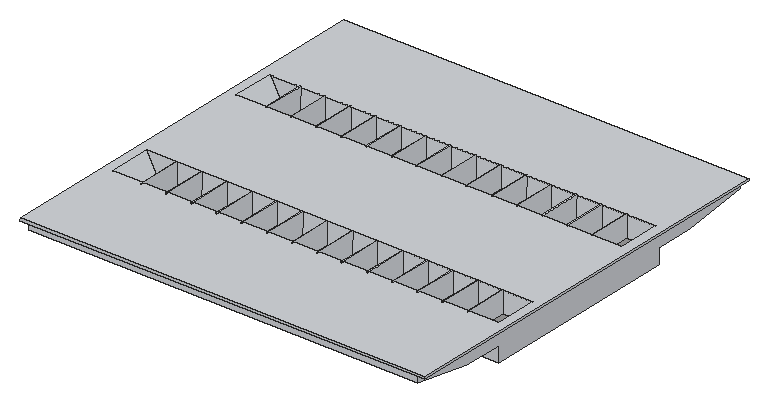
Revit family "0052578 Sylvania Lighting Fixture RANA NEO 3300LM REC 600x600 830 DALI 2L WHITE", category Lighting Fixtures, host Face, Revit 2016
Family settings
  Host = Face
  Part Type = Normal
  Round Connector Dimension = Use Diameter
  OmniClass Number = 23.80.70.00
  OmniClass Title = Lighting
  Cut with Voids When Loaded = No
  Light Source = Yes
  Shared = No
  Room Calculation Point = No
Parameters (values of type "0052578 RANA NEO 3300LM R 600 830 DALI 2L WHT")
  fin7 = 37 mm
  fin3 = 332 mm
  fin2 [instance] = 368 mm
  fin 6 = 110 mm
  fin 5 = 185 mm
  fin 4 = 258 mm
  fin 3 [instance] = 318 mm
  fin 2 = 407 mm
  fin 1 = 480 mm
  Width_SYL = if([600x600_SYL], 595 mm, if([625x625_SYL], 620 mm, if([1200_SYL], 296 mm, 306 mm)))  # 595 mm
  Weight = "n/a"
  Wattage Comments = ""
  Wattage = 28 W
  WarrantyStartDate [instance] = "n/a"
  WarrantyGuarantorParts = "n/a"
  WarrantyDurationUnit = "n/a"
  WarrantyDurationParts = ""
  WarrantyDescription = "http://www.sylvania-lighting.com"
  built-in parameter 1150110 = 1 (stored number, unit not read)
  Voltage = 0 V
  URL = "0.96"
  TypeName = "RANA NEO 3300LM REC 600x600 830 DALI 2L WHITE"
  Type Image = <None>
  Type Comments = "n/a"
  built-in parameter 1114217 = 1 (stored number, unit not read)
  TopWidth_SYL = if([600x600_SYL], 295 mm, if([625x625_SYL], 295 mm, if([1200_SYL], 165 mm, 165 mm)))  # 295 mm
  Tilt Angle = -90.00°
  built-in parameter 1150109 = 1 (stored number, unit not read)
  built-in parameter 1150134 = (empty or 0)
  built-in parameter 1150113 = 1 (stored number, unit not read)
  SlopeTopWidth_SYL = if([600x600_SYL], 410 mm, if([625x625_SYL], 410 mm, if([1200_SYL], 168 mm, 168 mm)))  # 410 mm
  SlopeBottomWidth_SYL = if([600x600_SYL], 593 mm, if([625x625_SYL], 593 mm, if([1200_SYL], 244 mm, 244 mm)))  # 593 mm
  SlopeHeight_SYL = if([600x600_SYL], 17 mm, if([625x625_SYL], 17 mm, if([1200_SYL], 40 mm, 40 mm)))  # 17 mm
  SerialNumber [instance] = "n/a"
  ReflectorNumber_SYL = if([1Ref_SYL], 2, if([2Ref_SYL], 2, 3))  # 2
  ReflectorLength_SYL = Length_SYL - Inset_SYL * 2 - 5 mm  # 550 mm
  ReflectorInset_SYL = if([1Ref_SYL], 82.4 mm, if([2Ref_SYL], 30 mm, 30 mm))  # 30 mm
  Photometric Web File = "0052578.ies"
  Material_3_SYL = none
  PowerFactor = 0.95
  PowerConsumption = "Lighting"
  NominalLength = 595 mm
  NominalHeight = 60 mm
  NominalDepth = 595 mm
  Name = "RANA NEO 3300LM REC 600x600 830 DALI 2L WHITE"
  ModelReference = Name  # "RANA NEO 3300LM REC 600x600 830 DALI 2L WHITE"
  ModelNumber = "0052578"
  Model = Name  # "RANA NEO 3300LM REC 600x600 830 DALI 2L WHITE"
  Material = "Feilo Sylvania"
  ManufacturerName = "108 lm/W"
  Manufacturer = ""
  LuminousEfficacy = ""
  built-in parameter 1150105 = 222.82 (stored number, unit not read)
  Lumens = 2800 lm
  LuminaireType = "0"
  built-in parameter 1150115 = 1 (stored number, unit not read)
  LouverNumber_SYL = if([600x600_SYL], 14, if([625x625_SYL], 14, if([1200_SYL], 28, 28)))  # 14
  LightOutputRatio = "LED"
  built-in parameter 1150137 = (empty or 0)
  built-in parameter 1150139 = (empty or 0)
  Length_SYL = if([600x600_SYL], 595 mm, if([625x625_SYL], 620 mm, if([1200_SYL], 1196 mm, 1246 mm)))  # 595 mm
  LampsType = Lamp  # "n/a"
  LampNominalLuminous = "3000 K"
  LampMacAdamStep = "80"
  LampColourTemperature = "LED"
  LampColourRenderingIndex = "16500"
  built-in parameter 1150112 = 1 (stored number, unit not read)
  built-in parameter 1150114 = 1 (stored number, unit not read)
  Lamp = "n/a"
  LED position [instance] = 410 mm
  LED inside width = 165 mm
  LED inner void = 521.5 mm
  LED Width = 290 mm
  LED Length = 568 mm
  Keynote = "n/a"
  InstallationDate [instance] = "n/a"
  Inset_SYL = 20 mm  # constant formula
  InputVoltage = "0"
  InputNominalFrequency = "3000"
  built-in parameter 1150132 = (empty or 0)
  built-in parameter 1150102 = (empty or 0)
  built-in parameter 1150107 = 3000 (stored number, unit not read)
  built-in parameter 1150138 = (empty or 0)
  IngressProtection = "IfcLightFixtureType"
  ImpactProtectionIndex = "IfcLightFixtureType"
  built-in parameter 1150106 = 2.2282 (stored number, unit not read)
  IfcExportType = "IfcLightFixtureType"
  IfcExportAs = "Class I"
  Height = 52 mm
  Emit from Rectangle Width = if([1Ref_SYL], 48 mm, TopWidth_SYL - 13 mm)  # 282 mm
  Emit from Rectangle Length = ReflectorLength_SYL - 8 mm  # 542 mm
  Emit Shape Visible in Rendering = no
  ElectricShockClassification = "108"
  built-in parameter 1150104 = 9.2903 (stored number, unit not read)
  DocumentationLiterature = "http://www.sylvania-lighting.com/product/en-int/products/0052578"
  DimmingControlOptions = "n/a"
  Material_2_SYL = none
  Dimming Lamp Color Temperature Shift = <None>
  Description = "-"
  Default Elevation = 1219.2 mm
  CreatedOn = "25/11/2019"
  CreatedBy = "@sylvania-lighting.com"
  Cost = 0
  Color Filter = 16777215
  built-in parameter 1114216 [instance] = (empty or 0)
  ClassificationValue = "EF_70_80"
  ClassificationName = "Uniclass2015"
  Material_1_SYL = none
  BarCode [instance] = "n/a"
  built-in parameter 1114218 = 1 (stored number, unit not read)
  built-in parameter 1150133 = 10 (stored number, unit not read)
  AssetType = "Fixed"
  AssetIdentifier [instance] = "n/a"
  Assembly Code = "D5020200"
  Apparent Load = 31 VA
  Material_4_SYL = none
  625x625_SYL = no
  600x600_SYL = yes
  2Ref_SYL = yes
  1Ref_SYL = no
  1200_SYL = no
Reference planes
  plane 1 "Center (Front/Back)": y = 0
  plane 2: z = 0
  plane 3 "Center (Left/Right)": x = 0
  plane 4: x = 297.5
  plane 5: x = -297.5
  plane 6: y = 297.5
  plane 7: y = -297.5
  plane 8: z = -120
  plane 9: z = -3
  plane 10: z = -12
  plane 11: z = -29
  plane 12: z = -52
  plane 13: y = -296.5
  plane 14: y = 296.5
  plane 15: y = 145
  plane 16: y = -145
  plane 17: y = 82.5
  plane 18: y = -82.5
  plane 19: x = -284
  plane 20: x = 284
  plane 21: y = 141
  plane 22: y = 86.5
  plane 23: x = -264
  plane 24: x = 257.5
  plane 25: x = -286
  plane 26: x = 286
  plane 27: y = -86.5
  plane 28: y = -141
  plane 29: x = 18.5
  plane 30: x = -18.5
  plane 31: x = 55
  plane 32: x = -55
  plane 33: x = 92.5
  plane 34: x = -92.5
  plane 35: x = 129
  plane 36: x = -129
  plane 37: x = 166
  plane 38: x = -166
  plane 39: x = -203.5
  plane 40: x = 203.5
  plane 41: x = -240
  plane 42: x = 240
  plane 43: x = 169.5
  plane 44: x = 162.5
  plane 45: x = 166.5
  plane 46: x = 165.5
Forms (mm)
  Extrusion 1, void
    sketch origin (0, 0, 0) x (1, 0, 0) y (0, 1, 0)
      loop
        line (-297.5, 297.5) -> (-297.5, -297.5) -> (297.5, -297.5) -> (297.5, 297.5) -> (-297.5, 297.5)
    from -120 to 0
  Extrusion 2, solid, detail levels medium+fine
    sketch origin (0, 0, 0) x (0, 1, 0) y (0, 0, 1)
      loop
        line (-296.5, 0) -> (-296.5, -12) -> (-205, -29) -> (-147.5, -29) -> (-147.5, -52) -> (147.5, -52) -> (147.5, -29) -> (205, -29) -> (296.5, -17.514) -> (296.5, 0) -> (-296.5, 0)
    from -286 to 286
  Extrusion 3, solid, detail levels medium+fine
    sketch origin (275, 1524, 1219.2) x (0, 1, 0) y (0, 0, 1)
      loop
        line (-1226.5, -1222.2) -> (-1226.5, -1219.2) -> (-1820.5, -1219.2) -> (-1820.5, -1222.2) -> (-1226.5, -1222.2)
    from 11 to 22.5
  Extrusion 4, solid, detail levels medium+fine
    sketch origin (-275, 1524, 1219.2) x (0, 1, 0) y (0, 0, 1)
      loop
        line (-1820.5, -1222.2) -> (-1227.5, -1222.2) -> (-1227.5, -1219.2) -> (-1820.5, -1219.2) -> (-1820.5, -1222.2)
    from -11 to -22.5
  Extrusion 5, solid, detail levels medium+fine
    sketch origin (0, 0, 0) x (0, 1, 0) y (0, 0, 1)
      loop
        line (-297.5, 0) -> (-297.5, -3) -> (-296.5, -3) -> (-296.5, 0) -> (-297.5, 0)
      loop
        line (297.5, -3) -> (297.5, 0) -> (296.5, 0) -> (296.5, -3) -> (297.5, -3)
    from -297.5 to 297.5
  Blend 6, void
    base sketch origin (0, 0, 0) x (1, 0, 0) y (0, 1, 0)
      loop
        line (-284, 145) -> (-284, 82.5) -> (284, 82.5) -> (284, 145) -> (-284, 145)
    top sketch origin (0, 0, 0) x (1, 0, 0) y (0, 1, 0)
      loop
        line (-264, 141) -> (-264, 86.5) -> (257.5, 86.5) -> (257.5, 141) -> (-264, 141)
    from 0 to -29
  Blend 7, void
    base sketch origin (0, 0, 0) x (1, 0, 0) y (0, 1, 0)
      loop
        line (-284, -82.5) -> (-284, -145) -> (284, -145) -> (284, -82.5) -> (-284, -82.5)
    top sketch origin (0, 0, 0) x (1, 0, 0) y (0, 1, 0)
      loop
        line (257.5, -86.5) -> (-264, -86.5) -> (-264, -141) -> (257.5, -141) -> (257.5, -86.5)
    from 0 to -29
  Extrusion 8, solid, detail levels fine
    sketch origin (0, 0, 0) x (1, 0, 0) y (0, 0, 1)
      loop
        line (162.5, -29) -> (169.5, -29) -> (166.5, 0) -> (165.5, 0) -> (162.5, -29)
    from -145 to -82.5
  Extrusion 9, solid, detail levels fine
    sketch origin (37.5, 0, 0) x (1, 0, 0) y (0, 0, 1)
      loop
        line (162.5, -29) -> (169.5, -29) -> (166.5, 0) -> (165.5, 0) -> (162.5, -29)
    from -145 to -82.5
  Extrusion 10, solid, detail levels fine
    sketch origin (74, 0, 0) x (1, 0, 0) y (0, 0, 1)
      loop
        line (162.5, -29) -> (169.5, -29) -> (166.5, 0) -> (165.5, 0) -> (162.5, -29)
    from -145 to -82.5
  Extrusion 11, solid, detail levels fine
    sketch origin (-37, 0, 0) x (1, 0, 0) y (0, 0, 1)
      loop
        line (162.5, -29) -> (169.5, -29) -> (166.5, 0) -> (165.5, 0) -> (162.5, -29)
    from -145 to -82.5
  Extrusion 12, solid, detail levels fine
    sketch origin (-73.5, 0, 0) x (1, 0, 0) y (0, 0, 1)
      loop
        line (162.5, -29) -> (169.5, -29) -> (166.5, 0) -> (165.5, 0) -> (162.5, -29)
    from -145 to -82.5
  Extrusion 13, solid, detail levels fine
    sketch origin (-111, 0, 0) x (1, 0, 0) y (0, 0, 1)
      loop
        line (162.5, -29) -> (169.5, -29) -> (166.5, 0) -> (165.5, 0) -> (162.5, -29)
    from -145 to -82.5
  Extrusion 14, solid, detail levels fine
    sketch origin (-147.5, 0, 0) x (1, 0, 0) y (0, 0, 1)
      loop
        line (162.5, -29) -> (169.5, -29) -> (166.5, 0) -> (165.5, 0) -> (162.5, -29)
    from -145 to -82.5
  Extrusion 15, solid, detail levels fine
    sketch origin (-184.5, 0, 0) x (1, 0, 0) y (0, 0, 1)
      loop
        line (162.5, -29) -> (169.5, -29) -> (166.5, 0) -> (165.5, 0) -> (162.5, -29)
    from -145 to -82.5
  Extrusion 16, solid, detail levels fine
    sketch origin (-221, 0, 0) x (1, 0, 0) y (0, 0, 1)
      loop
        line (162.5, -29) -> (169.5, -29) -> (166.5, 0) -> (165.5, 0) -> (162.5, -29)
    from -145 to -82.5
  Extrusion 17, solid, detail levels fine
    sketch origin (-258.5, 0, 0) x (1, 0, 0) y (0, 0, 1)
      loop
        line (162.5, -29) -> (169.5, -29) -> (166.5, 0) -> (165.5, 0) -> (162.5, -29)
    from -145 to -82.5
  Extrusion 18, solid, detail levels fine
    sketch origin (-295, 0, 0) x (1, 0, 0) y (0, 0, 1)
      loop
        line (162.5, -29) -> (169.5, -29) -> (166.5, 0) -> (165.5, 0) -> (162.5, -29)
    from -145 to -82.5
  Extrusion 19, solid, detail levels fine
    sketch origin (-332, 0, 0) x (1, 0, 0) y (0, 0, 1)
      loop
        line (162.5, -29) -> (169.5, -29) -> (166.5, 0) -> (165.5, 0) -> (162.5, -29)
    from -145 to -82.5
  Extrusion 20, solid, detail levels fine
    sketch origin (-369.5, 0, 0) x (1, 0, 0) y (0, 0, 1)
      loop
        line (162.5, -29) -> (169.5, -29) -> (166.5, 0) -> (165.5, 0) -> (162.5, -29)
    from -145 to -82.5
  Extrusion 21, solid, detail levels fine
    sketch origin (-406, 0, 0) x (1, 0, 0) y (0, 0, 1)
      loop
        line (162.5, -29) -> (169.5, -29) -> (166.5, 0) -> (165.5, 0) -> (162.5, -29)
    from -145 to -82.5
  Extrusion 22, solid, detail levels fine
    sketch origin (-406.072, 0, -0.017) x (1, 0, 0) y (0, 0, 1)
      loop
        line (162.5, -29) -> (169.5, -29) -> (166.5, 0) -> (165.5, 0) -> (162.5, -29)
    from 82.5 to 147.5
  Extrusion 23, solid, detail levels fine
    sketch origin (-369.572, 0, -0.017) x (1, 0, 0) y (0, 0, 1)
      loop
        line (162.5, -29) -> (169.5, -29) -> (166.5, 0) -> (165.5, 0) -> (162.5, -29)
    from 82.5 to 147.5
  Extrusion 24, solid, detail levels fine
    sketch origin (-331.998, 0, -0.017) x (1, 0, 0) y (0, 0, 1)
      loop
        line (162.5, -29) -> (169.5, -29) -> (166.5, 0) -> (165.5, 0) -> (162.5, -29)
    from 82.5 to 147.5
  Extrusion 25, solid, detail levels fine
    sketch origin (-294.998, 0, -0.017) x (1, 0, 0) y (0, 0, 1)
      loop
        line (162.5, -29) -> (169.5, -29) -> (166.5, 0) -> (165.5, 0) -> (162.5, -29)
    from 82.5 to 147.5
  Extrusion 26, solid, detail levels fine
    sketch origin (-258.498, 0, -0.017) x (1, 0, 0) y (0, 0, 1)
      loop
        line (162.5, -29) -> (169.5, -29) -> (166.5, 0) -> (165.5, 0) -> (162.5, -29)
    from 82.5 to 147.5
  Extrusion 27, solid, detail levels fine
    sketch origin (-221, 0, -0.017) x (1, 0, 0) y (0, 0, 1)
      loop
        line (162.5, -29) -> (169.5, -29) -> (166.5, 0) -> (165.5, 0) -> (162.5, -29)
    from 82.5 to 147.5
  Extrusion 28, solid, detail levels fine
    sketch origin (-184.5, 0, -0.017) x (1, 0, 0) y (0, 0, 1)
      loop
        line (162.5, -29) -> (169.5, -29) -> (166.5, 0) -> (165.5, 0) -> (162.5, -29)
    from 82.5 to 147.5
  Extrusion 29, solid, detail levels fine
    sketch origin (-147.5, 0, -0.017) x (1, 0, 0) y (0, 0, 1)
      loop
        line (162.5, -29) -> (169.5, -29) -> (166.5, 0) -> (165.5, 0) -> (162.5, -29)
    from 82.5 to 147.5
  Extrusion 30, solid, detail levels fine
    sketch origin (-111, 0, -0.017) x (1, 0, 0) y (0, 0, 1)
      loop
        line (162.5, -29) -> (169.5, -29) -> (166.5, 0) -> (165.5, 0) -> (162.5, -29)
    from 82.5 to 147.5
  Extrusion 31, solid, detail levels fine
    sketch origin (-73.5, 0, -0.017) x (1, 0, 0) y (0, 0, 1)
      loop
        line (162.5, -29) -> (169.5, -29) -> (166.5, 0) -> (165.5, 0) -> (162.5, -29)
    from 82.5 to 147.5
  Extrusion 32, solid, detail levels fine
    sketch origin (-37, 0, -0.017) x (1, 0, 0) y (0, 0, 1)
      loop
        line (162.5, -29) -> (169.5, -29) -> (166.5, 0) -> (165.5, 0) -> (162.5, -29)
    from 82.5 to 147.5
  Extrusion 33, solid, detail levels fine
    sketch origin (0, 0, -0.017) x (1, 0, 0) y (0, 0, 1)
      loop
        line (162.5, -29) -> (169.5, -29) -> (166.5, 0) -> (165.5, 0) -> (162.5, -29)
    from 82.5 to 147.5
  Extrusion 34, solid, detail levels fine
    sketch origin (37.5, 0, -0.017) x (1, 0, 0) y (0, 0, 1)
      loop
        line (162.5, -29) -> (169.5, -29) -> (166.5, 0) -> (165.5, 0) -> (162.5, -29)
    from 82.5 to 147.5
  Extrusion 35, solid, detail levels fine
    sketch origin (74, 0, -0.017) x (1, 0, 0) y (0, 0, 1)
      loop
        line (162.5, -29) -> (169.5, -29) -> (166.5, 0) -> (165.5, 0) -> (162.5, -29)
    from 82.5 to 147.5
  Extrusion 36, solid, material "Glass, White, High Luminance", detail levels fine
    sketch origin (0, 0, 0) x (1, 0, 0) y (0, 1, 0)
      loop
        line (-264, 141) -> (-264, 86.5) -> (257.5, 86.5) -> (257.5, 141) -> (-264, 141)
    from -29 to -28
  Extrusion 37, solid, material "Glass, White, High Luminance", detail levels fine
    sketch origin (0, 0, 0) x (1, 0, 0) y (0, 1, 0)
      loop
        line (-264, -86.5) -> (-264, -141) -> (257.5, -141) -> (257.5, -86.5) -> (-264, -86.5)
    from -29 to -28
  Extrusion 38, solid, detail levels coarse
    sketch origin (0, 0, 0) x (1, 0, 0) y (0, 1, 0)
      loop
        line (-297.5, 297.5) -> (-297.5, -297.5) -> (297.5, -297.5) -> (297.5, 297.5) -> (-297.5, 297.5)
    from -52 to 0
Cuts and joins
  Blend 6, Blend 7 cuts Extrusion 2
  Blend 6, Blend 7 cuts Extrusion 3
  Blend 6, Blend 7 cuts Extrusion 4
  Blend 6, Blend 7 cuts Extrusion 5
  joined: Extrusion 2, Extrusion 3, Extrusion 4, Extrusion 5
Dimensions and locks
  "Length_SYL": plane 5 to plane 4
  locked: plane 2 to plane 8 at 120
  locked: plane 2 to plane 9 at 3
  locked: plane 2 to plane 10 at 12
  "SlopeHeight_SYL": plane 11 to plane 10
  "Height": plane 2 to plane 12
  equal spacing: plane 13, plane 1 "Center (Front/Back)", plane 14
  "SlopeBottomWidth_SYL": plane 13 to plane 14
  "LED Width": plane 15 to plane 16
  equal spacing: plane 15, plane 1 "Center (Front/Back)", plane 16
  "LED inside width": plane 17 to plane 18
  equal spacing: plane 17, plane 1 "Center (Front/Back)", plane 18
  "LED Length": plane 19 to plane 20
  equal spacing: plane 19, plane 3 "Center (Left/Right)", plane 20
  "LED inner void": plane 23 to plane 24
  "fin7": plane 29 to plane 30
  equal spacing: plane 29, plane 3 "Center (Left/Right)", plane 30
  "fin 6": plane 31 to plane 32
  equal spacing: plane 31, plane 3 "Center (Left/Right)", plane 32
  "fin 5": plane 33 to plane 34
  equal spacing: plane 33, plane 3 "Center (Left/Right)", plane 34
  "fin 4": plane 35 to plane 36
  equal spacing: plane 35, plane 3 "Center (Left/Right)", plane 36
  "fin 2": plane 40 to plane 39
  equal spacing: plane 40, plane 3 "Center (Left/Right)", plane 39
  "fin3": plane 37 to plane 38
  equal spacing: plane 37, plane 3 "Center (Left/Right)", plane 38
  "fin 1": plane 42 to plane 41
  equal spacing: plane 42, plane 3 "Center (Left/Right)", plane 41
  aligned and locked: plane 2 to host face
  aligned and locked: level to host face
  aligned and locked: plane 6 to Extrusion 1 sketch curve
  aligned and locked: plane 5 to Extrusion 1 sketch curve
  aligned and locked: Extrusion 1 sketch curve to plane 7
  aligned and locked: Extrusion 1 sketch curve to plane 4
  aligned and locked: level to Extrusion 1
  aligned and locked: plane 8 to Extrusion 1
  aligned and locked: plane 2 to Extrusion 1
  aligned and locked: plane 10 to Extrusion 2 sketch curve
  aligned and locked: plane 12 to Extrusion 2 sketch curve
  aligned and locked: plane 11 to Extrusion 2 sketch curve  (x2)
  aligned and locked: Extrusion 2 sketch curve to level
  aligned and locked: Extrusion 3 sketch curve to Extrusion 2
  aligned and locked: plane 6 to Extrusion 3 sketch curve
  aligned and locked: plane 4 to Extrusion 3
  aligned and locked: cut or joined group of Extrusion 2, Extrusion 3, Extrusion 4, Extrusion 5, Blend 6, Blend 7 to Extrusion 4 sketch curve  (x3)
  aligned and locked: Extrusion 4 sketch curve to cut or joined group of Extrusion 2, Extrusion 3, Extrusion 4, Extrusion 5, Blend 6, Blend 7
  aligned and locked: Extrusion 4 to plane 5
  aligned and locked: Extrusion 3 to Extrusion 2
  aligned and locked: Extrusion 4 to Extrusion 2
  aligned and locked: plane 14 to Extrusion 2 sketch curve
  aligned and locked: plane 13 to Extrusion 2 sketch curve
  aligned and locked: Extrusion 5 sketch curve to level  (x2)
  aligned and locked: Extrusion 5 sketch curve to plane 7
  aligned and locked: Extrusion 5 sketch curve to cut or joined group of Extrusion 2, Extrusion 3, Extrusion 4, Extrusion 5, Blend 6, Blend 7  (x4)
  aligned and locked: cut or joined group of Extrusion 2, Extrusion 3, Extrusion 4, Extrusion 5, Blend 6, Blend 7 to Extrusion 5 sketch curve
  aligned and locked: Extrusion 5 to plane 5
  aligned and locked: plane 4 to Extrusion 5
Automatic sketch dimensions
  host sketch curve to host sketch curve = 1219.2 mm
  host sketch curve to host sketch curve = 1211.616 mm
  Extrusion 2 sketch curve to plane 16 = 60 mm
  Extrusion 2 sketch curve to plane 16 = 2.5 mm
  plane 15 to Extrusion 2 sketch curve = 2.5 mm
  Extrusion 2 sketch curve to Extrusion 2 sketch curve = 57.5 mm
  plane 10 to Extrusion 2 sketch curve = 5.514 mm
  plane 9 to Extrusion 3 sketch curve = 0 mm
  Extrusion 3 sketch curve to plane 13 = 0 mm
  Blend 6 sketch curve to plane 17 = 0 mm
  Blend 6 sketch curve to plane 19 = 0 mm
  Blend 6 sketch curve to plane 20 = 0 mm
  Blend 6 sketch curve to plane 15 = 0 mm
  Blend 6 sketch curve to plane 22 = 0 mm
  Blend 6 sketch curve to plane 23 = 0 mm
  Blend 6 sketch curve to plane 24 = 0 mm
  Blend 6 sketch curve to plane 21 = 0 mm
  Blend 7 sketch curve to plane 16 = 0 mm
  Blend 7 sketch curve to plane 19 = 0 mm
  Blend 7 sketch curve to plane 20 = 0 mm
  Blend 7 sketch curve to plane 18 = 0 mm
  Blend 7 sketch curve to plane 23 = 0 mm
  Blend 7 sketch curve to plane 24 = 0 mm
  Blend 7 sketch curve to plane 28 = 0 mm
  Blend 7 sketch curve to plane 27 = 0 mm
  Extrusion 8 sketch curve to plane 11 = 0 mm
  Extrusion 8 sketch curve to plane 44 = 0 mm
  Extrusion 8 sketch curve to level = 0 mm
  Extrusion 8 sketch curve to plane 46 = 0 mm
  Extrusion 8 sketch curve to plane 45 = 0 mm
  Extrusion 8 sketch curve to plane 43 = 0 mm
  Extrusion 9 sketch curve to plane 11 = 0 mm
  Extrusion 9 sketch curve to level = 0 mm
  Extrusion 9 sketch curve to plane 40 = 3.5 mm
  Extrusion 9 sketch curve to plane 40 = 0.5 mm
  plane 40 to Extrusion 9 sketch curve = 0.5 mm
  plane 40 to Extrusion 9 sketch curve = 3.5 mm
  Extrusion 10 sketch curve to plane 11 = 0 mm
  Extrusion 10 sketch curve to level = 0 mm
  Extrusion 10 sketch curve to plane 42 = 3.5 mm
  Extrusion 10 sketch curve to plane 42 = 0.5 mm
  plane 42 to Extrusion 10 sketch curve = 0.5 mm
  plane 42 to Extrusion 10 sketch curve = 3.5 mm
  Extrusion 11 sketch curve to plane 11 = 0 mm
  Extrusion 11 sketch curve to level = 0 mm
  Extrusion 11 sketch curve to plane 35 = 3.5 mm
  Extrusion 11 sketch curve to plane 35 = 0.5 mm
  plane 35 to Extrusion 11 sketch curve = 0.5 mm
  plane 35 to Extrusion 11 sketch curve = 3.5 mm
  Extrusion 12 sketch curve to plane 11 = 0 mm
  Extrusion 12 sketch curve to level = 0 mm
  Extrusion 12 sketch curve to plane 33 = 3.5 mm
  Extrusion 12 sketch curve to plane 33 = 0.5 mm
  plane 33 to Extrusion 12 sketch curve = 0.5 mm
  plane 33 to Extrusion 12 sketch curve = 3.5 mm
  Extrusion 13 sketch curve to plane 11 = 0 mm
  Extrusion 13 sketch curve to level = 0 mm
  Extrusion 13 sketch curve to plane 31 = 3.5 mm
  Extrusion 13 sketch curve to plane 31 = 0.5 mm
  plane 31 to Extrusion 13 sketch curve = 0.5 mm
  plane 31 to Extrusion 13 sketch curve = 3.5 mm
  Extrusion 14 sketch curve to plane 11 = 0 mm
  Extrusion 14 sketch curve to level = 0 mm
  Extrusion 14 sketch curve to plane 29 = 3.5 mm
  Extrusion 14 sketch curve to plane 29 = 0.5 mm
  plane 29 to Extrusion 14 sketch curve = 0.5 mm
  plane 29 to Extrusion 14 sketch curve = 3.5 mm
  Extrusion 15 sketch curve to plane 11 = 0 mm
  Extrusion 15 sketch curve to level = 0 mm
  Extrusion 15 sketch curve to plane 30 = 3.5 mm
  Extrusion 15 sketch curve to plane 30 = 0.5 mm
  plane 30 to Extrusion 15 sketch curve = 0.5 mm
  plane 30 to Extrusion 15 sketch curve = 3.5 mm
  Extrusion 16 sketch curve to plane 11 = 0 mm
  Extrusion 16 sketch curve to level = 0 mm
  Extrusion 16 sketch curve to plane 32 = 3.5 mm
  Extrusion 16 sketch curve to plane 32 = 0.5 mm
  plane 32 to Extrusion 16 sketch curve = 0.5 mm
  plane 32 to Extrusion 16 sketch curve = 3.5 mm
  Extrusion 17 sketch curve to plane 11 = 0 mm
  Extrusion 17 sketch curve to level = 0 mm
  Extrusion 17 sketch curve to plane 34 = 3.5 mm
  Extrusion 17 sketch curve to plane 34 = 0.5 mm
  plane 34 to Extrusion 17 sketch curve = 0.5 mm
  plane 34 to Extrusion 17 sketch curve = 3.5 mm
  Extrusion 18 sketch curve to plane 11 = 0 mm
  Extrusion 18 sketch curve to level = 0 mm
  Extrusion 18 sketch curve to plane 36 = 3.5 mm
  Extrusion 18 sketch curve to plane 36 = 0.5 mm
  plane 36 to Extrusion 18 sketch curve = 0.5 mm
  plane 36 to Extrusion 18 sketch curve = 3.5 mm
  Extrusion 19 sketch curve to plane 11 = 0 mm
  Extrusion 19 sketch curve to level = 0 mm
  Extrusion 19 sketch curve to plane 38 = 3.5 mm
  Extrusion 19 sketch curve to plane 38 = 0.5 mm
  plane 38 to Extrusion 19 sketch curve = 0.5 mm
  plane 38 to Extrusion 19 sketch curve = 3.5 mm
  Extrusion 20 sketch curve to plane 11 = 0 mm
  Extrusion 20 sketch curve to level = 0 mm
  Extrusion 20 sketch curve to plane 39 = 3.5 mm
  Extrusion 20 sketch curve to plane 39 = 0.5 mm
  plane 39 to Extrusion 20 sketch curve = 0.5 mm
  plane 39 to Extrusion 20 sketch curve = 3.5 mm
  Extrusion 21 sketch curve to plane 11 = 0 mm
  Extrusion 21 sketch curve to level = 0 mm
  Extrusion 21 sketch curve to plane 41 = 3.5 mm
  Extrusion 21 sketch curve to plane 41 = 0.5 mm
  plane 41 to Extrusion 21 sketch curve = 0.5 mm
  plane 41 to Extrusion 21 sketch curve = 3.5 mm
  plane 11 to Extrusion 22 sketch curve = 0.017 mm
  Extrusion 22 sketch curve to plane 41 = 3.572 mm
  Extrusion 22 sketch curve to level = 0.017 mm
  Extrusion 22 sketch curve to plane 41 = 0.572 mm
  plane 41 to Extrusion 22 sketch curve = 0.428 mm
  plane 41 to Extrusion 22 sketch curve = 3.428 mm
  plane 11 to Extrusion 23 sketch curve = 0.017 mm
  Extrusion 23 sketch curve to plane 39 = 3.572 mm
  Extrusion 23 sketch curve to level = 0.017 mm
  Extrusion 23 sketch curve to plane 39 = 0.572 mm
  plane 39 to Extrusion 23 sketch curve = 0.428 mm
  plane 39 to Extrusion 23 sketch curve = 3.428 mm
  plane 11 to Extrusion 24 sketch curve = 0.017 mm
  Extrusion 24 sketch curve to plane 38 = 3.498 mm
  Extrusion 24 sketch curve to level = 0.017 mm
  Extrusion 24 sketch curve to plane 38 = 0.498 mm
  plane 38 to Extrusion 24 sketch curve = 0.502 mm
  plane 38 to Extrusion 24 sketch curve = 3.502 mm
  plane 11 to Extrusion 25 sketch curve = 0.017 mm
  Extrusion 25 sketch curve to plane 36 = 3.498 mm
  Extrusion 25 sketch curve to level = 0.017 mm
  Extrusion 25 sketch curve to plane 36 = 0.498 mm
  plane 36 to Extrusion 25 sketch curve = 0.502 mm
  plane 36 to Extrusion 25 sketch curve = 3.502 mm
  plane 11 to Extrusion 26 sketch curve = 0.017 mm
  Extrusion 26 sketch curve to plane 34 = 3.498 mm
  Extrusion 26 sketch curve to level = 0.017 mm
  Extrusion 26 sketch curve to plane 34 = 0.498 mm
  plane 34 to Extrusion 26 sketch curve = 0.502 mm
  plane 34 to Extrusion 26 sketch curve = 3.502 mm
  plane 11 to Extrusion 27 sketch curve = 0.017 mm
  Extrusion 27 sketch curve to plane 32 = 3.5 mm
  Extrusion 27 sketch curve to level = 0.017 mm
  Extrusion 27 sketch curve to plane 32 = 0.5 mm
  plane 32 to Extrusion 27 sketch curve = 0.5 mm
  plane 32 to Extrusion 27 sketch curve = 3.5 mm
  plane 11 to Extrusion 28 sketch curve = 0.017 mm
  Extrusion 28 sketch curve to plane 30 = 3.5 mm
  Extrusion 28 sketch curve to level = 0.017 mm
  Extrusion 28 sketch curve to plane 30 = 0.5 mm
  plane 30 to Extrusion 28 sketch curve = 0.5 mm
  plane 30 to Extrusion 28 sketch curve = 3.5 mm
  plane 11 to Extrusion 29 sketch curve = 0.017 mm
  Extrusion 29 sketch curve to plane 29 = 3.5 mm
  Extrusion 29 sketch curve to level = 0.017 mm
  Extrusion 29 sketch curve to plane 29 = 0.5 mm
  plane 29 to Extrusion 29 sketch curve = 0.5 mm
  plane 29 to Extrusion 29 sketch curve = 3.5 mm
  plane 11 to Extrusion 30 sketch curve = 0.017 mm
  Extrusion 30 sketch curve to plane 31 = 3.5 mm
  Extrusion 30 sketch curve to level = 0.017 mm
  Extrusion 30 sketch curve to plane 31 = 0.5 mm
  plane 31 to Extrusion 30 sketch curve = 0.5 mm
  plane 31 to Extrusion 30 sketch curve = 3.5 mm
  plane 11 to Extrusion 31 sketch curve = 0.017 mm
  Extrusion 31 sketch curve to plane 33 = 3.5 mm
  Extrusion 31 sketch curve to level = 0.017 mm
  Extrusion 31 sketch curve to plane 33 = 0.5 mm
  plane 33 to Extrusion 31 sketch curve = 0.5 mm
  plane 33 to Extrusion 31 sketch curve = 3.5 mm
  plane 11 to Extrusion 32 sketch curve = 0.017 mm
  Extrusion 32 sketch curve to plane 35 = 3.5 mm
  Extrusion 32 sketch curve to level = 0.017 mm
  Extrusion 32 sketch curve to plane 35 = 0.5 mm
  plane 35 to Extrusion 32 sketch curve = 0.5 mm
  plane 35 to Extrusion 32 sketch curve = 3.5 mm
  Extrusion 33 sketch curve to plane 44 = 0 mm
  Extrusion 33 sketch curve to plane 46 = 0 mm
  Extrusion 33 sketch curve to plane 45 = 0 mm
  Extrusion 33 sketch curve to plane 43 = 0 mm
  plane 11 to Extrusion 33 sketch curve = 0.017 mm
  Extrusion 33 sketch curve to level = 0.017 mm
  plane 11 to Extrusion 34 sketch curve = 0.017 mm
  Extrusion 34 sketch curve to plane 40 = 3.5 mm
  Extrusion 34 sketch curve to level = 0.017 mm
  Extrusion 34 sketch curve to plane 40 = 0.5 mm
  plane 40 to Extrusion 34 sketch curve = 0.5 mm
  plane 40 to Extrusion 34 sketch curve = 3.5 mm
  plane 11 to Extrusion 35 sketch curve = 0.017 mm
  Extrusion 35 sketch curve to plane 42 = 3.5 mm
  Extrusion 35 sketch curve to level = 0.017 mm
  Extrusion 35 sketch curve to plane 42 = 0.5 mm
  plane 42 to Extrusion 35 sketch curve = 0.5 mm
  plane 42 to Extrusion 35 sketch curve = 3.5 mm
  Extrusion 36 sketch curve to plane 22 = 0 mm
  Extrusion 36 sketch curve to plane 23 = 0 mm
  Extrusion 36 sketch curve to plane 24 = 0 mm
  Extrusion 36 sketch curve to plane 21 = 0 mm
  Extrusion 37 sketch curve to plane 23 = 0 mm
  Extrusion 37 sketch curve to plane 24 = 0 mm
  Extrusion 37 sketch curve to plane 28 = 0 mm
  Extrusion 37 sketch curve to plane 27 = 0 mm
  Extrusion 38 sketch curve to plane 5 = 0 mm
  Extrusion 38 sketch curve to plane 4 = 0 mm
  plane 7 to Extrusion 38 sketch curve = 0 mm
  plane 6 to Extrusion 38 sketch curve = 0 mm
Connectors
  electrical at (0, 0, -52), driven by "Voltage", driven by "Apparent Load", driven by "PowerFactor"
    settings: on cut or joined group of Extrusion 2, Extrusion 3, Extrusion 4, Extrusion 5, Blend 6, Blend 7, index 1, voltage 0 V, apparent load 31 VA, apparent load phase1 0 VA, apparent load phase2 0 VA, apparent load phase3 0 VA, power factor 0.95, load classification "Lighting", number of poles 1, system type 30, power factor state 1, is connector primary yes, connector utility no, sub classification motor no, connector description ""
